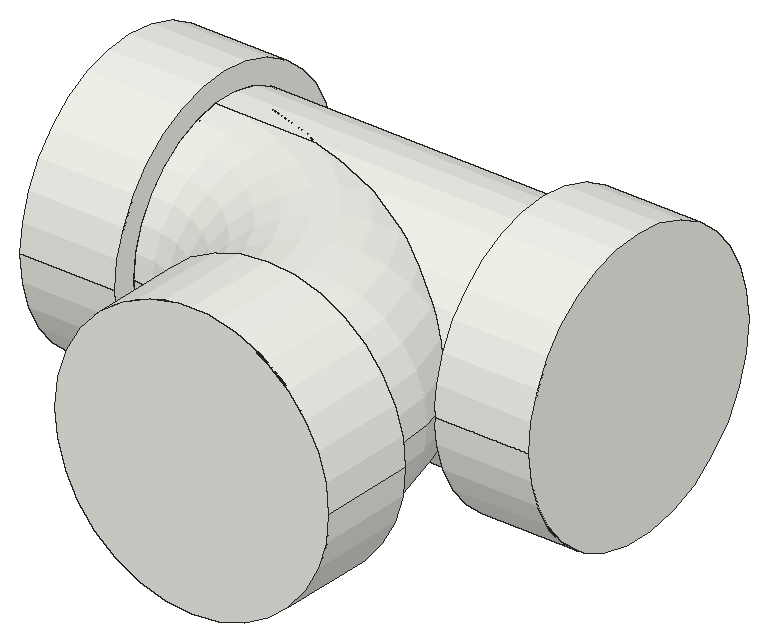
Revit family "Te_Esgoto", category Pipe Fittings, Revit 2025
Family settings
  Round Connector Dimension = Use Radius
  Part Type = Tee
  OmniClass Number = 23.60.30.11.14
  OmniClass Title = Pipework Fittings
  Work Plane-Based = No
  Always vertical = Yes
  Cut with Voids When Loaded = No
  Shared = No
Parameters (values of type "TeE")
  Wall Thickness [instance] = size_lookup(Lookup Table Name, "WThk", 0.02 * Nominal Diameter + 33/256", Nominal Diameter)  # 0.156"
  Tick Size [instance] = Fitting Outside Diameter * 0.4  # 0.664"
  Socket Outside Radius [instance] = Socket Outside Diameter / 2  # 0.9935"
  Socket Outside Diameter [instance] = Socket Entrance Diameter + Wall Thickness * 2  # 1.987"
  Socket Entrance Diameter [instance] = size_lookup(Lookup Table Name, "SED", 1.04 * Nominal Diameter + 95/256", Nominal Diameter)  # 1.675"
  Socket Depth [instance] = size_lookup(Lookup Table Name, "SDpt", 0.5 * Nominal Diameter, Nominal Diameter)  # 0.687"
  Socket Bottom to Socket Bottom Run [instance] = size_lookup(Lookup Table Name, "SBtSBR", 1.21 * Nominal Diameter + 1 13/128", Nominal Diameter)  # 2.313"
  Radius 2 [instance] = if(Length 11 = Socket Depth, Socket Outside Diameter / 2, Fitting Outside Radius)  # 0.9935"
  Radius 1 [instance] = if(Length 11 = Socket Depth, Socket Outside Radius, Fitting Outside Radius)  # 0.9935"
  Nominal Radius [instance] = 5/8"
  Nominal Diameter [instance] = Nominal Radius * 2  # 1 1/4"
  Loss Method = Not Defined
  Lookup Table Name = "Tee Sanitary - PVC - Sch 40 - DWV"
  Length 9 [instance] = if(Length 8 > Socket Outside Radius, 0", Length 11)  # 0"
  Length 8 [instance] = Length 3 - Socket Outside Radius * cos(Angle)  # 1.563"
  Length 7 [instance] = Length 2 - 180" + Socket Outside Radius * sin(Angle) + Length 9 * cos(Angle)  # 2.5565"
  Length 6 [instance] = Length 1 + Socket Depth  # 183"
  Length 5 [instance] = Center Radius * (1 - cos(Angle)) + (Socket Depth + Length 9) * sin(Angle)  # 2 1/4"
  Length 4 [instance] = Center Radius * sin(Angle) + (Socket Depth + Length 9) * cos(Angle) + 180"  # 181.563"
  Length 12 [instance] = if(Length 8 > Socket Outside Radius, Socket Depth, if((Socket Outside Radius * (1 + cos(Angle)) - Length 3) / sin(Angle) > 1/8", (Socket Outside Radius * (1 + cos(Angle)) - Length 3) / sin(Angle), 1/8") + Socket Depth)  # 0.687"
  Length 11 [instance] = if(Length 8 > Socket Outside Radius, Socket Depth, if((Socket Outside Radius * (1 + cos(Angle)) - Length 3) / sin(Angle) > 1/8", (Socket Outside Radius * (1 + cos(Angle)) - Length 3) / sin(Angle), 1/8"))  # 0.687"
  Length 3 [instance] = Center Radius * (1 - cos(Angle))  # 1.563"
  Length 2 [instance] = Center Radius * sin(Angle) + 180"  # 181.563"
  Length 10 [instance] = if(Socket Outside Radius > Fitting Outside Radius, Socket Outside Radius, Fitting Outside Radius)  # 0.9935"
  Length 1 [instance] = 180" + if(and(Center Radius * sin(Angle) > Socket Outside Radius, Angle = 90.00°), Socket Bottom to Socket Bottom Run, if(Socket Bottom to Socket Bottom Run > Length 7, Socket Bottom to Socket Bottom Run, Length 7))  # 182.313"
  Fitting Outside Radius [instance] = Fitting Outside Diameter / 2  # 0.83"
  Fitting Outside Diameter [instance] = size_lookup(Lookup Table Name, "FOD", 1.04 * Nominal Diameter + 23/64", Nominal Diameter)  # 1.66"
  Default Elevation = 0' - 0"
  Center to Socket Bottom [instance] = size_lookup(Lookup Table Name, "CtSB", 0.66 * Nominal Diameter + 119/128", Nominal Diameter)  # 1.563"
  Center to Socket Bottom Label [instance] = if(Center to Socket Bottom / tan(Angle / 2) > Length 10, Center to Socket Bottom, Length 10 * tan(Angle / 2) + 1/8")  # 1.563"
  Center Radius [instance] = Center to Socket Bottom Label / tan(Angle / 2)  # 1.563"
  Angle [instance] = 90.00°
Reference planes (in)
  plane 1 "Center (Front/Back)": y = 0
  plane 2: z = 0
  plane 3 "Center (Left/Right)": x = 0
  plane 4: x = -1.563
  plane 5: x = -181.563
  plane 6: x = 0.75
  plane 7: y = -1.563
  plane 8: x = 0
  plane 9: x = 0
  plane 10: y = -2.25
  plane 11: x = 1.437
  plane 12: x = -2.25
  plane 13: y = -1.563
Forms (in)
  Sweep 1, solid, material "PVC", detail levels fine
    path in 3D
      loop
        line (0.75, 0, 0) -> (1.437, 0, 0)
    profile origin (1.0935, 0, 0) x (0, 1, 0) y (0, 0, 1)
      loop
        circle (0, 0) r 0.9935
  Sweep 2, solid, material "PVC", detail levels fine
    path origin (0, 0, 0) x (1, 0, 0) y (0, 1, 0)
      loop
        line (0, -2.25) -> (0, -1.563)
    profile origin (0, -1.9065, 0) x (-1, 0, 0) y (0, 0, 1)
      loop
        circle (0, 0) r 0.9935
  Sweep 3, solid, material "PVC", detail levels fine
    path in 3D
      loop
        line (-2.25, 0, 0) -> (-1.563, 0, 0)
    profile origin (-1.9065, 0, 0) x (0, 1, 0) y (0, 0, 1)
      loop
        circle (0, 0) r 0.9935
  Sweep 4, solid, material "PVC", detail levels fine
    path in 3D
      loop
        line (-1.563, 0, 0) -> (0.75, 0, 0)
    profile origin (-0.4065, 0, 0) x (0, 1, 0) y (0, 0, 1)
      loop
        circle (0, 0) r 0.83
  Sweep 5, solid, material "PVC", detail levels fine
    path in 3D
      loop
        arc (-1.563, 0, 0) -> (-0.45779, -0.45779, 0) -> (0, -1.563, 0) r 1.563
    profile origin (-0.45779, -0.45779, 0) x (0.707107, 0.707107, 0) y (0, 0, 1)
      loop
        circle (0, 0) r 0.83
  Sweep 6, solid, material "PVC", detail levels fine
    path in 3D
      loop
        line (0, -2.25, 0) -> (0, -1.563, 0)
    profile origin (0, -1.9065, 0) x (-1, 0, 0) y (0, 0, 1)
      loop
        circle (0, 0) r 0.83
Cuts and joins
  joined: Sweep 1, Sweep 3, Sweep 4
  joined: Sweep 2, Sweep 5, Sweep 6
Lines and regions (in)
  model lines, detail levels coarse+medium
    curve 1: line (0.75, 0, 0) -> (1.437, 0, 0)
    curve 6: line (-2.25, 0.664, 0) -> (-2.25, 0, 0)
    curve 7: line (-2.25, -0.664, 0) -> (-2.25, 0, 0)
    curve 8: line (1.437, 0.664, 0) -> (1.437, 0, 0)
    curve 9: line (1.437, -0.664, 0) -> (1.437, 0, 0)
    curve 10: line (-1.563, 0, 0) -> (0.75, 0, 0)
    curve 11: line (-2.25, 0, 0) -> (-1.563, 0, 0)
    curve 14: arc (-1.563, 0, 0) -> (-0.45779, -0.45779, 0) -> (0, -1.563, 0) r 1.563
    curve 15: line (0, -2.25, 0) -> (0, -1.563, 0)
    curve 18: line (0, -2.25, 0) -> (0.664, -2.25, 0)
    curve 19: line (0, -2.25, 0) -> (-0.664, -2.25, 0)
  sketch lines
    curve 2: line (0.75, 0, 0) -> (1.437, 0, 0)
    curve 12: line (-2.25, 0, 0) -> (-1.563, 0, 0)
    curve 13: line (-1.563, 0, 0) -> (0.75, 0, 0)
    curve 16: arc (-1.563, 0, 0) -> (-0.45779, -0.45779, 0) -> (0, -1.563, 0) r 1.563
    curve 17: line (0, -2.25, 0) -> (0, -1.563, 0)
  reference lines
    curve 3: line (0, -2.25, 0) -> (0, -1.563, 0)
    curve 4: line (-2.25, 0, 0) -> (-1.563, 0, 0)
    curve 5: line (1.437, 0, 0) -> (0.75, 0, 0)
Dimensions and locks (in)
  "Center to Socket Bottom Label": plane 4 to plane 3 "Center (Left/Right)"
  locked: plane 5 to plane 4 at 180
  "Length 1": plane 5 to plane 6
  "Length 3": plane 7 to plane 1 "Center (Front/Back)"
  "Length 5": plane 10 to plane 1 "Center (Front/Back)"
  "Length 2": plane 5 to plane 8
  "Length 4": plane 5 to plane 9
  "Length 6": plane 5 to plane 11
  "Socket Depth": plane 12 to plane 4
  "Center Radius": plane 1 "Center (Front/Back)" to plane 13
  "Tick Size": curve 6 to curve 6
  "Tick Size": curve 7 to curve 7
  "Tick Size": curve 8 to curve 8
  "Tick Size": curve 9 to curve 9
  "Socket Depth": Sweep 2 sketch curve to Sweep 2 sketch curve
  "Length 12": curve 15 to curve 15
  "Tick Size": curve 18 to curve 18
  "Tick Size": curve 19 to curve 19
  "Socket Outside Radius": radius of Sweep 1 sketch curve
  "Socket Outside Radius": radius of Sweep 2 sketch curve
  "Socket Outside Radius": radius of Sweep 3 sketch curve
  "Fitting Outside Radius": radius of Sweep 4 sketch curve
  "Fitting Outside Radius": radius of Sweep 5 sketch curve
  "Fitting Outside Radius": radius of Sweep 6 sketch curve
  "Angle": angle curve 3 to plane 10
  "Angle": angle Sweep 2 sketch curve to plane 10
  "Angle": angle curve 14 to curve 14
  "Angle": angle curve 15 to plane 10
  locked: curve 18 to curve 15 (angle 90.00°)
  locked: curve 15 to curve 19 (angle 90.00°)
  aligned and locked: plane 11 to curve 1
  aligned and locked: plane 1 "Center (Front/Back)" to curve 1
  aligned and locked: plane 9 to curve 3
  aligned and locked: plane 10 to curve 3
  aligned and locked: plane 12 to curve 4
  aligned and locked: plane 1 "Center (Front/Back)" to curve 4
  aligned and locked: plane 11 to curve 5
  aligned and locked: curve 5 to plane 1 "Center (Front/Back)"
  aligned and locked: curve 6 to plane 12
  aligned and locked: plane 12 to curve 7
  aligned and locked: plane 1 "Center (Front/Back)" to curve 8
  aligned and locked: curve 8 to plane 11
  aligned and locked: plane 11 to curve 9
  aligned and locked: plane 10 to Sweep 2 sketch curve
  aligned and locked: plane 9 to Sweep 2 sketch curve
  aligned and locked: plane 4 to curve 10
  aligned and locked: plane 6 to curve 10
  aligned and locked: plane 1 "Center (Front/Back)" to curve 10
  aligned and locked: plane 12 to curve 11
  aligned and locked: plane 1 "Center (Front/Back)" to curve 11
  aligned and locked: plane 9 to curve 15
  aligned and locked: plane 10 to curve 19
Automatic sketch dimensions
  curve 4 to plane 4 = 0' - 0"
  curve 5 to plane 6 = 0' - 0"
  Sweep 1 sketch curve to profile plane = 0' - 0"  (x2)
  Sweep 2 sketch curve to level = 0' - 0"
  Sweep 2 sketch curve to profile plane = 0' - 0"
  Sweep 3 sketch curve to profile plane = 0' - 0"  (x2)
  Sweep 4 sketch curve to profile plane = 0' - 0"  (x2)
  Sweep 5 sketch curve to profile plane = 0' - 0"  (x2)
  Sweep 6 sketch curve to profile plane = 0' - 0"  (x2)
Connectors (in)
  piping at (-2.25, 0, 0), diameter 1.25, driven by "Nominal Radius"
    settings: on cut or joined group of Sweep 1, Sweep 3, Sweep 4, index 1, connector inside diameter 1 1/4", connector length 0' - 0", flow factor 0, pipe flow 0 GPM, pressure drop 0.00 psi, fitting loss kfactor 0, connector angle 0.00°, fixture units 0, engagement length 0' - 0", angle of deflection 0.00°, flow configuration 0, flow direction 0, fitting loss method 0, system type 28, joint type 0, gender type 0, connector reference index 2, connector utility 0, adjustable connector no, is connector primary yes, connector description ""
  piping at (1.437, 0, 0), diameter 1.25, driven by "Nominal Radius"
    settings: on cut or joined group of Sweep 1, Sweep 3, Sweep 4, index 2, connector inside diameter 1 1/4", connector length 0' - 0", flow factor 0, pipe flow 0 GPM, pressure drop 0.00 psi, fitting loss kfactor 0, connector angle 0.00°, fixture units 0, engagement length 0' - 0", angle of deflection 0.00°, flow configuration 0, flow direction 0, fitting loss method 0, system type 28, joint type 0, gender type 0, connector reference index 1, connector utility 0, adjustable connector no, is connector primary no, connector description ""
  piping at (0, -2.25, 0), diameter 1.25, driven by "Nominal Radius", driven by "Angle"
    settings: on cut or joined group of Sweep 2, Sweep 5, Sweep 6, index 3, connector inside diameter 1 1/4", connector length 0' - 0", flow factor 0, pipe flow 0 GPM, pressure drop 0.00 psi, fitting loss kfactor 0, connector angle 90.00°, fixture units 0, engagement length 0' - 0", angle of deflection 0.00°, flow configuration 0, flow direction 0, fitting loss method 0, system type 28, joint type 0, gender type 0, connector reference index -1, connector utility 0, adjustable connector no, is connector primary no, connector description ""
